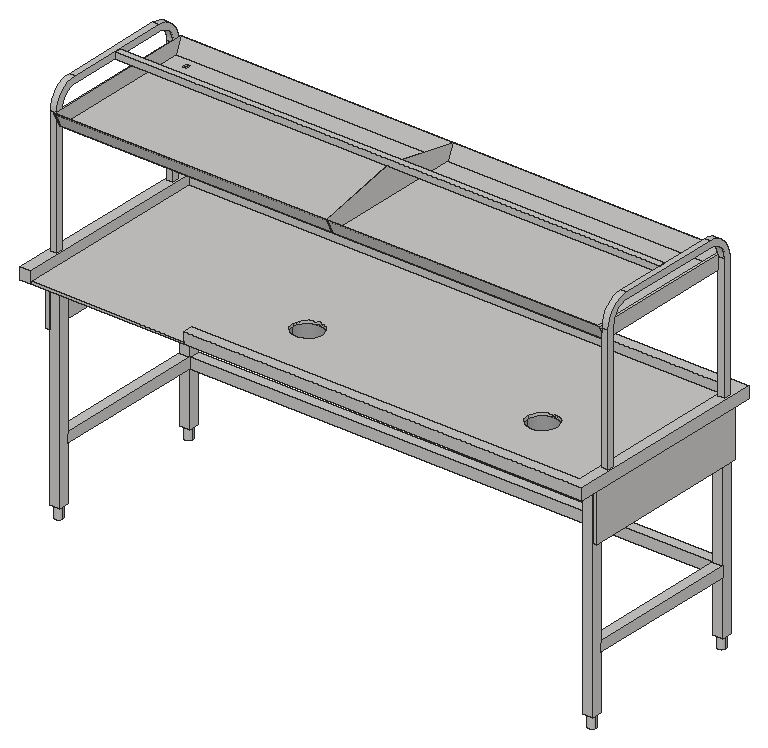
Revit family "QF_ELECTROLUXPROFESSIONAL_865338_BHST2208R", category Attrezzature speciali, Revit 2020
Family settings
  Quota connettore circolare = Usa diametro
  Tipo di parte = Normale
  Basato su piano di lavoro = No
  Sempre verticale = Sì
  Taglio con vuoti quando caricato = No
  Condiviso = No
  Punto di calcolo locali = No
Parameters (values of type "Standard")
  Weight = 18.00 kg
  Watts = 0 W
  Volts = 0 V
  URL Manufacturer = "https://www.electroluxprofessional.com/"
  URL = "https://www.electroluxprofessional.com/"
  Steam Supply Size = 0 mm
  Steam Supply Minimum Pressure = 0.0 Pa
  Steam Supply Maximum Pressure = 0.0 Pa
  Steam Consumption per Hour = 0
  Refrigeration Suction Line Size = 0 mm
  Refrigeration Liquid Line Size = 0 mm
  Refrigerant Compressor Remote = yes
  Prospetto di default = 0 mm
  Produttore = "Electrolux Professional"
  Phase = 0
  Modello = "BHST2208R"
  Length Actual = 2200 mm  # constant formula
  Item Number = "865338"
  Hot Water Size = 0 mm
  Height Actual = 1551 mm  # constant formula
  HP = "0 HP"
  Gas Size = 0 mm
  Gas KW = 0
  Gas Input Pressure = 0 W
  Direct Waste Size = 0 mm
  Description = "SORTING TABLE, RIGHT>LEFT, 2200X800 MM "
  Depth Actual = 800 mm  # constant formula
  Cycle = 0 Hz
  Condensate Return Size = 0 mm
  Compressed Air Volume = 0.0 L/s
  Compressed Air Size = 0 mm
  Compressed Air Pressure = 0.0 Pa
  Cold Water Size = 0 mm
  Accessory = yes
Reference planes
  plane 1 "Centro (Fronte/Retro)": y = 0
  plane 2: z = 0
  plane 3 "Centro (Sinistra/Destra)": x = 0
  plane 4: x = 1100
  plane 5: z = 1492
  plane 6: x = 20
  plane 7: y = -379.5
  plane 8: x = 56
  plane 9: y = -60
  plane 10: y = -695
  plane 11: x = 2200
  plane 12: x = 2144
Forms (mm)
  Extrusion 1, solid, material "QF_Finishes_Stainless Steel"
    sketch origin (-964, -40, 0) x (1, 0, 0) y (0, 1, 0)
      loop
        line (1000, 0) -> (1000, -40) -> (1040, -40) -> (1040, 0) -> (1000, 0)
    from 45 to 865
  Extrusion 2, solid, material "QF_Finishes_Stainless Steel"
    sketch origin (-964, -40, 0) x (1, 0, 0) y (0, 1, 0)
      loop
        circle (1020, -20) r 15
    from 0 to 45
  Extrusion 3, solid, material "QF_Finishes_Stainless Steel"
    sketch origin (-964, -675, 0) x (1, 0, 0) y (0, 1, 0)
      loop
        line (1000, 0) -> (1000, -40) -> (1040, -40) -> (1040, 0) -> (1000, 0)
    from 45 to 865
  Extrusion 4, solid, material "QF_Finishes_Stainless Steel"
    sketch origin (-964, -675, 0) x (1, 0, 0) y (0, 1, 0)
      loop
        circle (1020, -20) r 15
    from 0 to 45
  Extrusion 5, solid, material "QF_Finishes_Stainless Steel"
    sketch origin (0, 0, 0) x (1, 0, 0) y (0, 0, 1)
      loop
        line (76, 259.624) -> (2124, 259.624) -> (2124, 299.579) -> (76, 299.579) -> (76, 259.624)
    from 40 to 80
  Extrusion 6, solid, material "QF_Finishes_Stainless Steel"
    sketch origin (36, 0, 0) x (0, 1, 0) y (0, 0, 1)
      loop
        line (-80, 299.579) -> (-675, 299.579) -> (-675, 259.579) -> (-80, 259.579) -> (-80, 299.579)
    from 0 to 40
  Sweep 7, solid, material "QF_Finishes_Stainless Steel"
    path origin (0, 0, -12) x (0, 1, 0) y (0, 0, 1)
      loop
        line (-95, 922) -> (-95, 1412)
        arc (-95, 1412) -> (-118.431, 1468.569) -> (-175, 1492) r 80
        line (-175, 1492) -> (-584, 1492)
        arc (-584, 1492) -> (-640.569, 1468.569) -> (-664, 1412) r 80
        line (-664, 1412) -> (-664, 922)
    profile origin (0, -95, 1155) x (0, -1, 0) y (1, 0, 0)
      loop
        line (-12, 8) -> (12, 8) -> (12, 32) -> (-12, 32) -> (-12, 8)
  Extrusion 8, solid, material "QF_Finishes_Stainless Steel"
    sketch origin (0, 0, -12) x (0, 1, 0) y (0, 0, 1)
      loop
        line (-367.5, 1504) -> (-391.5, 1504) -> (-391.5, 1480) -> (-367.5, 1480) -> (-367.5, 1504)
    from 32 to 2168
  Extrusion 9, void
    sketch origin (32, 0, -6.687) x (0, 1, 0) y (0, 0, 1)
      loop
        line (-56.629, 1444.891) -> (-702.371, 1444.891) -> (-663.034, 1360.532) -> (-95.966, 1360.532) -> (-56.629, 1444.891)
    from 3.287 to 2130
  Extrusion 10, solid, material "QF_Finishes_Stainless Steel"
    sketch origin (32, 0, -12) x (0, 1, 0) y (0, 0, 1)
      loop
        line (-70.92, 1418.976) -> (-688.08, 1418.976) -> (-661.76, 1362.532) -> (-97.24, 1362.532) -> (-70.92, 1418.976)
    from 0 to 2136
  Extrusion 11, void
    sketch origin (0, 0, -12) x (1, 0, 0) y (0, 1, 0)
      loop
        circle (108.268, -136.161) r 12
    from 1301.755 to 1377.519
  Extrusion 12, solid, material "QF_Finishes_Stainless Steel"
    sketch origin (0, 0, -12) x (1, 0, 0) y (0, 1, 0)
      loop
        circle (108.21, -136.146) r 13
    from 1316.037 to 1362.532
  Extrusion 13, void
    sketch origin (0, 0, -12) x (1, 0, 0) y (0, 1, 0)
      loop
        circle (108.268, -136.161) r 10
    from 1301.755 to 1377.519
  Extrusion 14, solid, material "QF_Finishes_Stainless Steel"
    sketch origin (1700, 0, 865) x (-1, 0, 0) y (0, -1, 0)
      loop
        line (-460, 774) -> (-460, 40) -> (1660, 40) -> (1660, 814) -> (1060, 814) -> (1060, 774) -> (-460, 774)
    from 0 to 10
  Extrusion 15, solid, material "QF_Finishes_Stainless Steel"
    sketch origin (0, 0, 865) x (1, 0, 0) y (0, 1, 0)
      loop
        line (0, 0) -> (0, -814) -> (40, -814) -> (40, -40) -> (2160, -40) -> (2160, -774) -> (640, -774) -> (640, -814) -> (2200, -814) -> (2200, 0) -> (0, 0)
    from 0 to 45
  Sweep 16, solid, material "QF_Finishes_Stainless Steel"
    path origin (2200, 0, -12) x (0, 1, 0) y (0, 0, -1)
      loop
        line (-95, -922) -> (-95, -1412)
        arc (-95, -1412) -> (-118.431, -1468.569) -> (-175, -1492) r 80
        line (-175, -1492) -> (-584, -1492)
        arc (-584, -1492) -> (-640.569, -1468.569) -> (-664, -1412) r 80
        line (-664, -1412) -> (-664, -922)
    profile origin (2200, -95, 1155) x (0, 1, 0) y (-1, 0, 0)
      loop
        line (12, 8) -> (12, 32) -> (-12, 32) -> (-12, 8) -> (12, 8)
  Extrusion 17, solid, material "QF_Finishes_Stainless Steel"
    sketch origin (3164, -40, 0) x (-1, 0, 0) y (0, -1, 0)
      loop
        line (1000, 0) -> (1040, 0) -> (1040, 40) -> (1000, 40) -> (1000, 0)
    from 45 to 865
  Extrusion 18, solid, material "QF_Finishes_Stainless Steel"
    sketch origin (3164, -40, 0) x (-1, 0, 0) y (0, -1, 0)
      loop
        circle (1020, 20) r 15
    from 0 to 45
  Extrusion 19, solid, material "QF_Finishes_Stainless Steel"
    sketch origin (3164, -675, 0) x (-1, 0, 0) y (0, -1, 0)
      loop
        line (1000, 0) -> (1040, 0) -> (1040, 40) -> (1000, 40) -> (1000, 0)
    from 45 to 865
  Extrusion 20, solid, material "QF_Finishes_Stainless Steel"
    sketch origin (3164, -675, 0) x (-1, 0, 0) y (0, -1, 0)
      loop
        circle (1020, 20) r 15
    from 0 to 45
  Extrusion 21, solid, material "QF_Finishes_Stainless Steel"
    sketch origin (2164, 0, 0) x (0, 1, 0) y (0, 0, -1)
      loop
        line (-80, -299.579) -> (-80, -259.579) -> (-675, -259.579) -> (-675, -299.579) -> (-80, -299.579)
    from 0 to 40
  Extrusion 22, void
    sketch origin (1200, -30, 0) x (1, 0, 0) y (0, 1, 0)
      loop
        circle (610, -490) r 58
    from 674.596 to 947.421
  Extrusion 23, void
    sketch origin (280, -30, 0) x (1, 0, 0) y (0, 1, 0)
      loop
        circle (610, -490) r 58
    from 674.596 to 947.421
  Extrusion 24, solid, material "QF_Finishes_Stainless Steel"
    sketch origin (1, 0, 0) x (0, 1, 0) y (0, 0, 1)
      loop
        line (-367.5, 1468) -> (-391.5, 1468) -> (-687.809, 1406.976) -> (-663.034, 1353.844) -> (-95.966, 1353.844) -> (-71.191, 1406.976) -> (-367.5, 1468)
    from 1098 to 1100
  Extrusion 25, solid, material "QF_Finishes_Stainless Steel"
    sketch origin (0, 0, 0) x (0, 1, 0) y (0, 0, 1)
      loop
        line (-40, 865) -> (-715, 865) -> (-715, 660) -> (-40, 660) -> (-40, 865)
    from 20 to 36
  Extrusion 26, solid, material "QF_Finishes_Stainless Steel"
    sketch origin (2200, 0, 0) x (0, 1, 0) y (0, 0, -1)
      loop
        line (-40, -865) -> (-40, -660) -> (-715, -660) -> (-715, -865) -> (-40, -865)
    from 20 to 36
Cuts and joins
  Extrusion 9, Extrusion 13 cuts Extrusion 10
  Extrusion 11 cuts Extrusion 12
  Extrusion 22, Extrusion 23 cuts Extrusion 14
Dimensions and locks
  plane 5 to level = 1492 mm  (x2)
  Extrusion 5 to Extrusion 5 = 39.955 mm
  Extrusion 1 to Extrusion 3 = 595 mm
  plane 9 to plane 10 = 635 mm
  plane 11 to plane 3 "Centro (Sinistra/Destra)" = 2200 mm
  Sweep 7 to Sweep 7 = 545 mm
  plane 3 "Centro (Sinistra/Destra)" to plane 11 = 2200 mm
  plane 3 "Centro (Sinistra/Destra)" to plane 4 = 1100 mm
  Extrusion 19 to Extrusion 3 = 2048 mm
  plane 12 to plane 8 = 2088 mm
  cut or joined group of Extrusion 14, Extrusion 22, Extrusion 23 to plane 1 "Centro (Fronte/Retro)" = 814 mm
  Extrusion 15 to Extrusion 15 = 814 mm
  aligned and locked: level to plane 2
  aligned and locked: Extrusion 2 to Extrusion 1
  aligned and locked: Extrusion 4 to Extrusion 3
  aligned and locked: Extrusion 8 to Sweep 7
  aligned and locked: Extrusion 17 to Extrusion 18
  aligned and locked: Extrusion 19 to Extrusion 20
Nested families
  nested 1: "FORO_IMMONDIZIE - 200" at (1810, -520, 863.471), type "FORO_IMMONDIZIE - 200"
  nested 2: "FORO_IMMONDIZIE - 200" at (890, -520, 863.471), type "FORO_IMMONDIZIE - 200"
Definition of nested family "FORO_IMMONDIZIE - 200"
  Parameters (values of type "FORO_IMMONDIZIE - 200")
    Default Elevation = 1219.2 mm
  Reference planes
    plane 1 "Centro (Fronte/Retro)": y = 0
    plane 2: z = 0
    plane 3 "Centro (Sinistra/Destra)": x = 0
    plane 4: z = -110
  Forms (mm)
    Extrusion 1, solid, not visible
      sketch origin (0, 0, 0) x (1, 0, 0) y (0, 1, 0)
        loop
          line (-1219.2, 1219.2) -> (-1219.2, -1219.2) -> (1219.2, -1219.2) -> (1219.2, 1219.2) -> (-1219.2, 1219.2)
      from 0 to -304.8
    Extrusion 2, solid
      sketch origin (0, 0, 0) x (1, 0, 0) y (0, 1, 0)
        loop
          circle (0, 0) r 60
        loop
          circle (0, 0) r 90
      from -110 to 1.529
  Dimensions and locks
    aligned and locked: plane 2 to Extrusion 1
    aligned and locked: level to Extrusion 1
